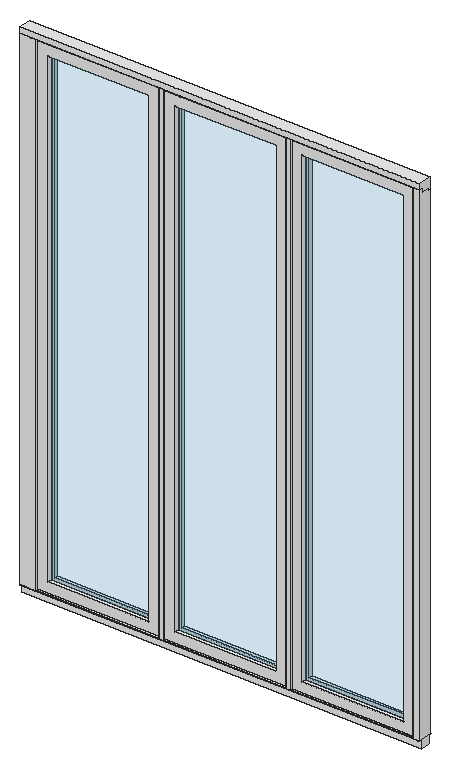
Revit family "98133", category Windows, host Wall, Revit 2018 (continued)
Definition of nested family "Left-Jamb_SL-73"
  Definition of nested family "LeftJamb_SL73"
    Lines and regions (in)
      model lines, in view "Ref. Level"
        curve 154: arc (-6.2628, 0.5903, 0) -> (-6.2651, 0.59587, 0) -> (-6.27067, 0.59818, 0) r 0.00787
        curve 155: arc (-6.42224, 0.59818, 0) -> (-6.42781, 0.59587, 0) -> (-6.43012, 0.5903, 0) r 0.00787
        curve 156: arc (-6.50689, 0.01899, 0) -> (-6.50425, 0.00915, 0) -> (-6.49705, 0.00194, 0) r 0.01969
        curve 157: arc (-6.49705, 0.40701, 0) -> (-6.50425, 0.3998, 0) -> (-6.50689, 0.38996, 0) r 0.01969
        curve 158: arc (-5.65945, -0.05659, 0) -> (-5.66665, -0.06379, 0) -> (-5.66929, -0.07363, 0) r 0.01969
        curve 159: arc (-5.66929, 0.48259, 0) -> (-5.66665, 0.47275, 0) -> (-5.65945, 0.46554, 0) r 0.01969
        curve 160: arc (-5.63878, 0.04172, 0) -> (-5.62437, 0.05613, 0) -> (-5.61909, 0.07582, 0) r 0.03937
        curve 161: arc (-5.61909, 0.33314, 0) -> (-5.62437, 0.35282, 0) -> (-5.63878, 0.36723, 0) r 0.03937
        curve 162: arc (-5.625, 0.5903, 0) -> (-5.62731, 0.59587, 0) -> (-5.63287, 0.59818, 0) r 0.00787
        curve 163: arc (-5.78445, 0.59818, 0) -> (-5.79002, 0.59587, 0) -> (-5.79232, 0.5903, 0) r 0.00787
        curve 164: arc (-5.74803, 0.45304, 0) -> (-5.74276, 0.43335, 0) -> (-5.72835, 0.41894, 0) r 0.03937
        curve 165: arc (-5.72835, -0.00999, 0) -> (-5.74276, -0.0244, 0) -> (-5.74803, -0.04408, 0) r 0.03937
        curve 166: arc (-5.79232, -0.18135, 0) -> (-5.79002, -0.18692, 0) -> (-5.78445, -0.18922, 0) r 0.00787
        curve 167: arc (-5.63287, -0.18922, 0) -> (-5.62731, -0.18692, 0) -> (-5.625, -0.18135, 0) r 0.00787
        curve 168: arc (-5.54823, 0.38996, 0) -> (-5.55087, 0.3998, 0) -> (-5.55807, 0.40701, 0) r 0.01969
        curve 169: arc (-5.55807, 0.00194, 0) -> (-5.55087, 0.00915, 0) -> (-5.54823, 0.01899, 0) r 0.01969
        curve 170: arc (-6.07385, 0.81241, 0) -> (-6.07942, 0.81471, 0) -> (-6.08498, 0.81241, 0) r 0.00787
        curve 171: arc (-6.53543, 0.62967, 0) -> (-6.52621, 0.6074, 0) -> (-6.50394, 0.59818, 0) r 0.0315
        curve 172: arc (-6.50394, 0.47655, 0) -> (-6.49624, 0.46093, 0) -> (-6.47916, 0.45753, 0) r 0.01969
        curve 173: arc (-6.39406, 0.48034, 0) -> (-6.38882, 0.48493, 0) -> (-6.38927, 0.49188, 0) r 0.00787
        curve 174: arc (-6.44383, 0.58637, 0) -> (-6.44383, 0.59424, 0) -> (-6.43701, 0.59818, 0) r 0.00787
        curve 175: arc (-6.25591, 0.59818, 0) -> (-6.24909, 0.59424, 0) -> (-6.24909, 0.58637, 0) r 0.00787
        curve 176: arc (-6.30364, 0.49188, 0) -> (-6.30364, 0.484, 0) -> (-6.29682, 0.48007, 0) r 0.00787
        curve 177: arc (-6.24227, 0.48007, 0) -> (-6.22258, 0.48534, 0) -> (-6.20817, 0.49975, 0) r 0.03937
        curve 178: arc (-5.84695, 0.49975, 0) -> (-5.83254, 0.48534, 0) -> (-5.81285, 0.48007, 0) r 0.03937
        curve 179: arc (-5.7583, 0.48007, 0) -> (-5.75148, 0.484, 0) -> (-5.75148, 0.49188, 0) r 0.00787
        curve 180: arc (-5.80603, 0.58637, 0) -> (-5.80603, 0.59424, 0) -> (-5.79921, 0.59818, 0) r 0.00787
        curve 181: arc (-5.61811, 0.59818, 0) -> (-5.61129, 0.59424, 0) -> (-5.61129, 0.58637, 0) r 0.00787
        curve 182: arc (-5.66584, 0.49188, 0) -> (-5.6663, 0.48493, 0) -> (-5.66106, 0.48034, 0) r 0.00787
        curve 183: arc (-5.57596, 0.45753, 0) -> (-5.55888, 0.46093, 0) -> (-5.55118, 0.47655, 0) r 0.01969
        curve 184: arc (-4.75984, 0.59818, 0) -> (-4.72441, 0.63361, 0) -> (-4.75984, 0.66904, 0) r 0.03543
        curve 185: arc (-4.97098, 0.73665, 0) -> (-4.96359, 0.74055, 0) -> (-4.96063, 0.74837, 0) r 0.01181
        curve 186: arc (-4.96063, 0.80232, 0) -> (-4.96359, 0.81013, 0) -> (-4.97098, 0.81404, 0) r 0.01181
        curve 187: arc (-4.65354, 0.88164, 0) -> (-4.64923, 0.87594, 0) -> (-4.64241, 0.87377, 0) r 0.01181
        curve 188: arc (-4.61811, 0.87377, 0) -> (-4.60976, 0.87723, 0) -> (-4.6063, 0.88558, 0) r 0.01181
        curve 189: arc (-4.6063, 0.91314, 0) -> (-4.61783, 0.94098, 0) -> (-4.64567, 0.95251, 0) r 0.03937
        curve 190: arc (-4.61811, 1.49582, 0) -> (-4.60081, 1.45406, 0) -> (-4.55906, 1.43676, 0) r 0.05906
        curve 191: arc (-4.17323, 1.56274, 0) -> (-4.094, 1.53223, 0) -> (-4.05571, 1.45645, 0) r 0.11811
        curve 192: arc (-4.2126, 1.45645, 0) -> (-4.25436, 1.43915, 0) -> (-4.27165, 1.39739, 0) r 0.05906
        curve 193: arc (-4.27165, 1.34621, 0) -> (-4.26012, 1.31837, 0) -> (-4.23228, 1.30684, 0) r 0.03937
        curve 194: arc (-4.20472, 1.30684, 0) -> (-4.1908, 1.3126, 0) -> (-4.18504, 1.32652, 0) r 0.01969
        curve 195: arc (-4.06299, 1.32652, 0) -> (-4.05723, 1.3126, 0) -> (-4.04331, 1.30684, 0) r 0.01969
        curve 196: arc (-3.97638, 1.44463, 0) -> (-4.03403, 1.58383, 0) -> (-4.17323, 1.64148, 0) r 0.19685
        curve 197: arc (-6.08498, 0.89576, 0) -> (-6.07942, 0.89345, 0) -> (-6.07385, 0.89576, 0) r 0.00787
        curve 198: arc (-0.88499, -0.3467, 0) -> (-0.87385, -0.34209, 0) -> (-0.86924, -0.33096, 0) r 0.01575
        curve 199: arc (-0.91255, -0.22911, 0) -> (-0.91094, -0.24134, 0) -> (-0.90622, -0.25274, 0) r 0.04724
        curve 200: arc (-0.90622, 0.50421, 0) -> (-0.91094, 0.49282, 0) -> (-0.91255, 0.48059, 0) r 0.04724
        curve 201: arc (-0.86924, 0.58243, 0) -> (-0.87385, 0.59357, 0) -> (-0.88499, 0.59818, 0) r 0.01575
        curve 202: arc (-1.01885, 0.59818, 0) -> (-1.02998, 0.59357, 0) -> (-1.0346, 0.58243, 0) r 0.01575
        curve 203: arc (-0.99129, 0.48059, 0) -> (-0.9929, 0.49282, 0) -> (-0.99762, 0.50421, 0) r 0.04724
        curve 204: arc (-0.99762, -0.25274, 0) -> (-0.9929, -0.24134, 0) -> (-0.99129, -0.22911, 0) r 0.04724
        curve 205: arc (-1.0346, -0.33096, 0) -> (-1.02998, -0.34209, 0) -> (-1.01885, -0.3467, 0) r 0.01575
        curve 206: arc (-1.48115, -0.3467, 0) -> (-1.47002, -0.34209, 0) -> (-1.4654, -0.33096, 0) r 0.01575
        curve 207: arc (-1.50871, -0.22911, 0) -> (-1.5071, -0.24134, 0) -> (-1.50238, -0.25274, 0) r 0.04724
        curve 208: arc (-1.50238, 0.50421, 0) -> (-1.5071, 0.49282, 0) -> (-1.50871, 0.48059, 0) r 0.04724
        curve 209: arc (-1.4654, 0.58243, 0) -> (-1.47002, 0.59357, 0) -> (-1.48115, 0.59818, 0) r 0.01575
        curve 210: arc (-1.61501, 0.59818, 0) -> (-1.62615, 0.59357, 0) -> (-1.63076, 0.58243, 0) r 0.01575
        curve 211: arc (-1.58745, 0.48059, 0) -> (-1.58906, 0.49282, 0) -> (-1.59378, 0.50421, 0) r 0.04724
        curve 212: arc (-1.59378, -0.25274, 0) -> (-1.58906, -0.24134, 0) -> (-1.58745, -0.22911, 0) r 0.04724
        curve 213: arc (-1.63076, -0.33096, 0) -> (-1.62615, -0.34209, 0) -> (-1.61501, -0.3467, 0) r 0.01575
        curve 214: arc (-1.11811, 0.56668, 0) -> (-1.09851, 0.51936, 0) -> (-1.05118, 0.49975, 0) r 0.06693
        curve 215: arc (-1.00868, 0.49975, 0) -> (-1.00081, 0.50763, 0) -> (-1.00868, 0.5155, 0) r 0.00787
        curve 216: arc (-0.86485, 0.55255, 0) -> (-0.84802, 0.57232, 0) -> (-0.85039, 0.59818, 0) r 0.03346
        curve 217: arc (-0.86485, 0.55255, 0) -> (-0.8723, 0.54732, 0) -> (-0.87794, 0.54018, 0) r 0.0315
        curve 218: arc (-0.89057, 0.5183, 0) -> (-0.89434, 0.51935, 0) -> (-0.89814, 0.51847, 0) r 0.00787
        curve 219: arc (-0.89814, 0.51847, 0) -> (-0.90137, 0.51535, 0) -> (-0.90237, 0.51097, 0) r 0.00787
        curve 220: arc (-0.90237, 0.51097, 0) -> (-0.9006, 0.50649, 0) -> (-0.89655, 0.50388, 0) r 0.00787
        curve 221: arc (-0.8327, 0.47771, 0) -> (-0.83514, 0.4849, 0) -> (-0.84145, 0.48911, 0) r 0.01181
        curve 222: arc (-0.82483, 0.42101, 0) -> (-0.80255, 0.43024, 0) -> (-0.79333, 0.45251, 0) r 0.0315
        curve 223: arc (-0.78987, 0.46677, 0) -> (-0.79243, 0.46293, 0) -> (-0.79333, 0.45841, 0) r 0.01181
        curve 224: arc (-0.78214, 0.4745, 0) -> (-0.7803, 0.47737, 0) -> (-0.77986, 0.48075, 0) r 0.00787
        curve 225: arc (-0.7874, 0.59517, 0) -> (-0.79132, 0.58709, 0) -> (-0.78842, 0.57859, 0) r 0.01181
        curve 226: arc (-0.83654, 0.75539, 0) -> (-0.84338, 0.75403, 0) -> (-0.84646, 0.74778, 0) r 0.00787
        curve 227: arc (-0.07105, 0.98091, 0) -> (-0.13394, 1.12, 0) -> (-0.27559, 1.17692, 0) r 0.20472
        curve 228: arc (-0.09072, 0.96038, 0) -> (-0.07651, 0.96645, 0) -> (-0.07105, 0.98091, 0) r 0.01969
        curve 229: arc (-0.40551, 0.96038, 0) -> (-0.44727, 0.94309, 0) -> (-0.46457, 0.90133, 0) r 0.05906
        curve 230: arc (-0.46457, 0.82259, 0) -> (-0.45073, 0.78918, 0) -> (-0.41732, 0.77534, 0) r 0.04724
        curve 231: arc (0, 0.97219, 0) -> (-0.08072, 1.16707, 0) -> (-0.27559, 1.24778, 0) r 0.27559
        curve 232: arc (-1.7126, 1.06437, 0) -> (-1.70669, 1.15608, 0) -> (-1.7126, 1.24778, 0) r 0.71502
        curve 233: arc (-1.66346, 1.0512, 0) -> (-1.65662, 1.05256, 0) -> (-1.65354, 1.05881, 0) r 0.00787
        curve 234: arc (-1.65354, 0.74778, 0) -> (-1.65662, 0.75403, 0) -> (-1.66346, 0.75539, 0) r 0.00787
        curve 235: arc (-1.71158, 0.57859, 0) -> (-1.70868, 0.58709, 0) -> (-1.7126, 0.59517, 0) r 0.01181
        curve 236: arc (-1.72014, 0.48075, 0) -> (-1.7197, 0.47737, 0) -> (-1.71786, 0.4745, 0) r 0.00787
        curve 237: arc (-1.70667, 0.45841, 0) -> (-1.70757, 0.46293, 0) -> (-1.71013, 0.46677, 0) r 0.01181
        curve 238: arc (-1.70667, 0.45251, 0) -> (-1.69745, 0.43024, 0) -> (-1.67517, 0.42101, 0) r 0.0315
        curve 239: arc (-1.65855, 0.48911, 0) -> (-1.66486, 0.4849, 0) -> (-1.6673, 0.47771, 0) r 0.01181
        curve 240: arc (-1.60345, 0.50388, 0) -> (-1.5994, 0.50649, 0) -> (-1.59763, 0.51097, 0) r 0.00787
        curve 241: arc (-1.59763, 0.51097, 0) -> (-1.59863, 0.51535, 0) -> (-1.60186, 0.51847, 0) r 0.00787
        curve 242: arc (-1.60186, 0.51847, 0) -> (-1.60566, 0.51935, 0) -> (-1.60943, 0.5183, 0) r 0.00787
        curve 243: arc (-1.62206, 0.54018, 0) -> (-1.6277, 0.54732, 0) -> (-1.63515, 0.55255, 0) r 0.0315
        curve 244: arc (-1.64961, 0.59818, 0) -> (-1.65198, 0.57232, 0) -> (-1.63515, 0.55255, 0) r 0.03346
        curve 245: arc (-1.49132, 0.5155, 0) -> (-1.49919, 0.50763, 0) -> (-1.49132, 0.49975, 0) r 0.00787
        curve 246: arc (-1.44882, 0.49975, 0) -> (-1.40149, 0.51936, 0) -> (-1.38189, 0.56668, 0) r 0.06693
        curve 247: arc (-1.63515, -0.30108, 0) -> (-1.65198, -0.32085, 0) -> (-1.64961, -0.3467, 0) r 0.03346
        curve 248: arc (-1.63515, -0.30108, 0) -> (-1.6277, -0.29585, 0) -> (-1.62206, -0.2887, 0) r 0.0315
        curve 249: arc (-1.59762, -0.25975, 0) -> (-1.59932, -0.25511, 0) -> (-1.60345, -0.2524, 0) r 0.00787
        curve 250: arc (-1.60207, -0.2671, 0) -> (-1.59876, -0.26409, 0) -> (-1.59762, -0.25975, 0) r 0.00787
        curve 251: arc (-1.60943, -0.26683, 0) -> (-1.60578, -0.26788, 0) -> (-1.60207, -0.2671, 0) r 0.00787
        curve 252: arc (-1.6673, -0.22623, 0) -> (-1.66486, -0.23342, 0) -> (-1.65855, -0.23764, 0) r 0.01181
        curve 253: arc (-1.67517, -0.16954, 0) -> (-1.69745, -0.17876, 0) -> (-1.70667, -0.20103, 0) r 0.0315
        curve 254: arc (-1.71013, -0.21529, 0) -> (-1.70757, -0.21146, 0) -> (-1.70667, -0.20694, 0) r 0.01181
        curve 255: arc (-1.71786, -0.22303, 0) -> (-1.7197, -0.2259, 0) -> (-1.72014, -0.22928, 0) r 0.00787
        curve 256: arc (-1.7126, -0.3437, 0) -> (-1.70868, -0.33562, 0) -> (-1.71158, -0.32712, 0) r 0.01181
        curve 257: arc (-1.7126, -0.38607, 0) -> (-1.70107, -0.41391, 0) -> (-1.67323, -0.42544, 0) r 0.03937
        curve 258: arc (-1.7874, -0.68135, 0) -> (-1.80132, -0.68712, 0) -> (-1.80709, -0.70103, 0) r 0.01969
        curve 259: arc (-2.00394, -0.70103, 0) -> (-2.0097, -0.68712, 0) -> (-2.02362, -0.68135, 0) r 0.01969
        curve 260: arc (-2.07087, -0.68135, 0) -> (-2.0987, -0.69288, 0) -> (-2.11024, -0.72072, 0) r 0.03937
        curve 261: arc (-2.25619, -0.8782, 0) -> (-2.28279, -0.88854, 0) -> (-2.29541, -0.91414, 0) r 0.03937
        curve 262: arc (-2.25401, -1.01573, 0) -> (-2.24718, -1.01437, 0) -> (-2.24409, -1.00812, 0) r 0.00787
        curve 263: arc (-2.24409, -1.31915, 0) -> (-2.24718, -1.3129, 0) -> (-2.25401, -1.31154, 0) r 0.00787
        curve 264: arc (-2.30315, -1.50812, 0) -> (-2.29724, -1.41641, 0) -> (-2.30315, -1.32471, 0) r 0.71502
        curve 265: arc (-0.83654, -0.74067, 0) -> (-0.84338, -0.74203, 0) -> (-0.84646, -0.74828, 0) r 0.00787
        curve 266: arc (-0.84646, -0.49631, 0) -> (-0.84338, -0.50256, 0) -> (-0.83654, -0.50392, 0) r 0.00787
        curve 267: arc (-0.78842, -0.32712, 0) -> (-0.79132, -0.33562, 0) -> (-0.7874, -0.3437, 0) r 0.01181
        curve 268: arc (-0.77986, -0.22928, 0) -> (-0.7803, -0.2259, 0) -> (-0.78214, -0.22303, 0) r 0.00787
        curve 269: arc (-0.79333, -0.20694, 0) -> (-0.79243, -0.21146, 0) -> (-0.78987, -0.21529, 0) r 0.01181
        curve 270: arc (-0.79333, -0.20103, 0) -> (-0.80255, -0.17876, 0) -> (-0.82483, -0.16954, 0) r 0.0315
        curve 271: arc (-0.84145, -0.23764, 0) -> (-0.83514, -0.23342, 0) -> (-0.8327, -0.22623, 0) r 0.01181
        curve 272: arc (-0.89655, -0.2524, 0) -> (-0.90068, -0.25511, 0) -> (-0.90238, -0.25975, 0) r 0.00787
        curve 273: arc (-0.90238, -0.25975, 0) -> (-0.90124, -0.26409, 0) -> (-0.89793, -0.2671, 0) r 0.00787
        curve 274: arc (-0.89793, -0.2671, 0) -> (-0.89422, -0.26788, 0) -> (-0.89057, -0.26683, 0) r 0.00787
        curve 275: arc (-0.87794, -0.2887, 0) -> (-0.8723, -0.29585, 0) -> (-0.86485, -0.30108, 0) r 0.0315
        curve 276: arc (-0.85039, -0.3467, 0) -> (-0.84802, -0.32085, 0) -> (-0.86485, -0.30108, 0) r 0.03346
        curve 277: arc (-1.00868, -0.26403, 0) -> (-1.00475, -0.26297, 0) -> (-1.00187, -0.26009, 0) r 0.00787
        curve 278: arc (-1.00187, -0.26009, 0) -> (-1.00187, -0.25222, 0) -> (-1.00868, -0.24828, 0) r 0.00787
        curve 279: arc (-1.05118, -0.24828, 0) -> (-1.09851, -0.26788, 0) -> (-1.11811, -0.31521, 0) r 0.06693
        curve 280: arc (-1.38189, -0.31521, 0) -> (-1.40149, -0.26788, 0) -> (-1.44882, -0.24828, 0) r 0.06693
        curve 281: arc (-1.49813, -0.26009, 0) -> (-1.49525, -0.26297, 0) -> (-1.49132, -0.26403, 0) r 0.00787
        curve 282: arc (-1.49132, -0.24828, 0) -> (-1.49813, -0.25222, 0) -> (-1.49813, -0.26009, 0) r 0.00787
        curve 283: arc (-1.48031, -1.35852, 0) -> (-1.50815, -1.37005, 0) -> (-1.51969, -1.39789, 0) r 0.03937
        curve 284: arc (-1.76772, -0.94513, 0) -> (-1.72039, -0.92553, 0) -> (-1.70079, -0.8782, 0) r 0.06693
        curve 285: arc (-1.51969, -0.74828, 0) -> (-1.47236, -0.72868, 0) -> (-1.45276, -0.68135, 0) r 0.06693
        curve 286: arc (-1.7126, 1.06437, 0) -> (-1.70669, 1.15608, 0) -> (-1.7126, 1.24778, 0) r 0.71502
        curve 287: arc (-0.46457, 0.82259, 0) -> (-0.45073, 0.78918, 0) -> (-0.41732, 0.77534, 0) r 0.04724
        curve 288: arc (-0.60646, 0.543, 0) -> (-0.59585, 0.5386, 0) -> (-0.58525, 0.543, 0) r 0.015
        curve 289: arc (-0.53153, 0.59671, 0) -> (-0.52093, 0.6011, 0) -> (-0.51032, 0.59671, 0) r 0.015
        curve 290: arc (-0.45661, 0.543, 0) -> (-0.446, 0.5386, 0) -> (-0.43539, 0.543, 0) r 0.015
        curve 291: arc (-0.38168, 0.59671, 0) -> (-0.37108, 0.6011, 0) -> (-0.36047, 0.59671, 0) r 0.015
        curve 292: arc (-0.30676, 0.543, 0) -> (-0.29615, 0.5386, 0) -> (-0.28554, 0.543, 0) r 0.015
        curve 293: arc (-0.23183, 0.59671, 0) -> (-0.22122, 0.6011, 0) -> (-0.21062, 0.59671, 0) r 0.015
        curve 294: arc (-0.1569, 0.543, 0) -> (-0.1463, 0.5386, 0) -> (-0.13569, 0.543, 0) r 0.015
        curve 295: arc (-0.08198, 0.59671, 0) -> (-0.07137, 0.6011, 0) -> (-0.06076, 0.59671, 0) r 0.015
        curve 296: arc (-0.00705, 0.543, 0) -> (0.00356, 0.5386, 0) -> (0.01416, 0.543, 0) r 0.015
        curve 297: arc (0.06788, 0.59671, 0) -> (0.07848, 0.6011, 0) -> (0.08909, 0.59671, 0) r 0.015
        curve 298: arc (0.1578, 0.528, 0) -> (0.17606, 0.5257, 0) -> (0.18281, 0.54281, 0) r 0.015
        curve 299: arc (0.09369, 0.85361, 0) -> (0.0829, 0.8693, 0) -> (0.06485, 0.87534, 0) r 0.03
        curve 300: arc (-0.08343, 0.82471, 0) -> (-0.07456, 0.83009, 0) -> (-0.07524, 0.84044, 0) r 0.01
        curve 301: arc (-0.18183, 0.78257, 0) -> (-0.19255, 0.76654, 0) -> (-0.21081, 0.76034, 0) r 0.03
        curve 302: arc (-0.26557, 0.76034, 0) -> (-0.28383, 0.76654, 0) -> (-0.29455, 0.78257, 0) r 0.03
        curve 303: arc (-0.40115, 0.84044, 0) -> (-0.40182, 0.83009, 0) -> (-0.39295, 0.82471, 0) r 0.01
        curve 304: arc (-0.2225, -0.75732, 0) -> (-0.18681, -0.75787, 0) -> (-0.16535, -0.72935, 0) r 0.03937
        curve 305: arc (-0.09251, -0.7571, 0) -> (-0.00658, -0.70869, 0) -> (0.0337, -0.61866, 0) r 0.15748
        curve 306: arc (-0.11107, -0.73892, 0) -> (-0.10658, -0.7529, 0) -> (-0.09251, -0.7571, 0) r 0.01575
        curve 307: arc (0.10384, -0.62843, 0) -> (0.07384, -0.58718, 0) -> (0.0337, -0.61866, 0) r 0.03543
        curve 308: arc (-0.08995, -0.61919, 0) -> (-0.11231, -0.58726, 0) -> (-0.14424, -0.60962, 0) r 0.02756
        curve 309: arc (-0.53839, -0.59049, 0) -> (-0.58095, -0.60363, 0) -> (-0.56781, -0.64619, 0) r 0.0315
        curve 310: arc (-0.69685, -1.4097, 0) -> (-0.69108, -1.42362, 0) -> (-0.67717, -1.42938, 0) r 0.01969
        curve 311: arc (-0.69685, -1.29186, 0) -> (-0.72337, -1.22783, 0) -> (-0.7874, -1.2013, 0) r 0.09055
        curve 312: arc (-0.83811, -1.18516, 0) -> (-0.83136, -1.19674, 0) -> (-0.81875, -1.2013, 0) r 0.01969
        curve 313: arc (-0.88717, -0.92401, 0) -> (-0.86818, -0.89653, 0) -> (-0.89566, -0.87754, 0) r 0.02362
        curve 314: arc (-0.93441, -0.88461, 0) -> (-0.95974, -0.90098, 0) -> (-0.96606, -0.93047, 0) r 0.03937
        curve 315: arc (-0.9719, -0.93953, 0) -> (-0.96718, -0.93616, 0) -> (-0.96606, -0.93047, 0) r 0.00787
        curve 316: arc (-0.9719, -0.93953, 0) -> (-0.98946, -0.9667, 0) -> (-0.96344, -0.98592, 0) r 0.02362
        curve 317: arc (-0.95476, -0.99232, 0) -> (-0.95783, -0.9874, 0) -> (-0.96344, -0.98592, 0) r 0.00787
        curve 318: arc (-0.87399, -1.29541, 0) -> (-0.86725, -1.30698, 0) -> (-0.85466, -1.31154, 0) r 0.01965
        curve 319: arc (-0.83858, -1.31154, 0) -> (-0.82466, -1.30578, 0) -> (-0.8189, -1.29186, 0) r 0.01969
        curve 320: arc (-0.79921, -1.27217, 0) -> (-0.81313, -1.27794, 0) -> (-0.8189, -1.29186, 0) r 0.01969
        curve 321: arc (-0.76772, -1.29186, 0) -> (-0.77348, -1.27794, 0) -> (-0.7874, -1.27217, 0) r 0.01969
        curve 322: arc (-0.76772, -1.453, 0) -> (-0.78164, -1.45877, 0) -> (-0.7874, -1.47269, 0) r 0.01969
        curve 323: arc (-0.0003, -0.90428, 0) -> (-0.01183, -0.87644, 0) -> (-0.03967, -0.86491, 0) r 0.03937
        curve 324: arc (-0.07904, -0.86491, 0) -> (-0.09296, -0.87067, 0) -> (-0.09872, -0.88459, 0) r 0.01968
        curve 325: arc (-0.25621, -0.88459, 0) -> (-0.26197, -0.87067, 0) -> (-0.27589, -0.86491, 0) r 0.01969
        curve 326: arc (-0.30345, -0.86491, 0) -> (-0.33129, -0.87644, 0) -> (-0.34282, -0.90428, 0) r 0.03937
        curve 327: arc (-0.34282, -0.98302, 0) -> (-0.33129, -1.01086, 0) -> (-0.30345, -1.02239, 0) r 0.03937
        curve 328: arc (-0.9719, -0.93953, 0) -> (-0.98946, -0.9667, 0) -> (-0.96344, -0.98592, 0) r 0.02362
        curve 329: arc (-0.96344, -0.98592, 0) -> (-0.95783, -0.9874, 0) -> (-0.95476, -0.99232, 0) r 0.00787
        curve 330: arc (-0.87399, -1.29541, 0) -> (-0.86725, -1.30698, 0) -> (-0.85465, -1.31154, 0) r 0.01965
        curve 331: arc (-0.83858, -1.31154, 0) -> (-0.82466, -1.30578, 0) -> (-0.8189, -1.29186, 0) r 0.01969
        curve 332: arc (-0.8189, -1.29186, 0) -> (-0.81313, -1.27794, 0) -> (-0.79921, -1.27217, 0) r 0.01969
        curve 333: arc (-0.7874, -1.27217, 0) -> (-0.77348, -1.27794, 0) -> (-0.76772, -1.29186, 0) r 0.01969
        curve 334: arc (-0.76772, -1.453, 0) -> (-0.78164, -1.45877, 0) -> (-0.7874, -1.47269, 0) r 0.01969
        curve 335: arc (-0.0003, -0.90428, 0) -> (-0.01183, -0.87644, 0) -> (-0.03967, -0.86491, 0) r 0.03937
        curve 336: arc (-0.07904, -0.86491, 0) -> (-0.09296, -0.87067, 0) -> (-0.09872, -0.88459, 0) r 0.01968
        curve 337: arc (-0.25621, -0.88459, 0) -> (-0.26197, -0.87067, 0) -> (-0.27589, -0.86491, 0) r 0.01969
        curve 338: arc (-0.30345, -0.86491, 0) -> (-0.33129, -0.87644, 0) -> (-0.34282, -0.90428, 0) r 0.03937
        curve 339: arc (-0.34282, -0.98302, 0) -> (-0.33129, -1.01086, 0) -> (-0.30345, -1.02239, 0) r 0.03937
        curve 340: arc (-0.67717, -1.42938, 0) -> (-0.69108, -1.42362, 0) -> (-0.69685, -1.4097, 0) r 0.01969
        curve 341: arc (-0.69685, -1.29186, 0) -> (-0.72337, -1.22783, 0) -> (-0.7874, -1.2013, 0) r 0.09055
        curve 342: arc (-0.81875, -1.2013, 0) -> (-0.83136, -1.19674, 0) -> (-0.83811, -1.18516, 0) r 0.01969
        curve 343: arc (-0.88717, -0.92401, 0) -> (-0.86818, -0.89653, 0) -> (-0.89566, -0.87754, 0) r 0.02362
        curve 344: line (-2.01762, 1.2281, 0) -> (-2.01762, 1.05093, 0)
        curve 345: line (-2.01762, 1.05093, 0) -> (-2.07634, 1.05392, 0)
        curve 346: line (-2.07634, 1.05392, 0) -> (-2.08858, 1.04757, 0)
        curve 347: line (-2.08858, 1.04757, 0) -> (-2.10055, 1.08046, 0)
        curve 348: line (-2.10055, 1.08046, 0) -> (-2.1752, 1.00582, 0)
        curve 349: line (-2.1752, 1.00582, 0) -> (-2.1752, 0.80077, 0)
        curve 350: line (-1.80949, 1.19636, 0) -> (-1.85193, 1.03346, 0)
        curve 351: line (-1.72244, 1.2281, 0) -> (-1.72244, 0.57849, 0)
        curve 352: line (-1.93147, 1.15866, 0) -> (-1.88743, 1.03179, 0)
        curve 353: line (-1.77165, 0.61786, 0) -> (-1.77165, 0.9033, 0)
        curve 354: line (-1.77165, 0.9033, 0) -> (-1.77165, 1.18873, 0)
        curve 355: line (-1.83564, 1.23573, 0) -> (-1.86583, 1.10199, 0)
        curve 356: line (-1.74213, 1.24778, 0) -> (-1.8175, 1.24778, 0)
        curve 357: line (-1.92901, 1.2374, 0) -> (-1.88003, 1.10133, 0)
        curve 358: line (-1.94636, 1.24778, 0) -> (-1.99793, 1.24778, 0)
        curve 359: line (-2.01762, 0.57849, 0) -> (-2.01762, 0.75566, 0)
        curve 360: line (-2.01762, 0.75566, 0) -> (-2.07634, 0.75267, 0)
        curve 361: line (-2.07634, 0.75267, 0) -> (-2.08858, 0.75902, 0)
        curve 362: line (-2.08858, 0.75902, 0) -> (-2.10055, 0.72613, 0)
        curve 363: line (-2.10055, 0.72613, 0) -> (-2.1752, 0.80077, 0)
        curve 364: line (-1.83564, 0.57087, 0) -> (-1.86583, 0.7046, 0)
        curve 365: line (-1.92901, 0.56919, 0) -> (-1.88003, 0.70527, 0)
        curve 366: line (-1.80949, 0.61024, 0) -> (-1.85193, 0.77313, 0)
        curve 367: line (-2.11763, 1.00771, 0) -> (-2.04921, 1.00172, 0)
        curve 368: line (-2.04921, 1.00172, 0) -> (-2.04921, 0.80487, 0)
        curve 369: line (-2.04921, 0.80487, 0) -> (-2.11763, 0.79888, 0)
        curve 370: line (-2.11763, 0.79888, 0) -> (-2.14764, 0.82889, 0)
        curve 371: line (-2.14764, 0.82889, 0) -> (-2.14764, 0.9777, 0)
        curve 372: line (-2.14764, 0.9777, 0) -> (-2.11763, 1.00771, 0)
        curve 373: line (-1.9685, 0.65723, 0) -> (-1.9685, 0.84933, 0)
        curve 374: line (-1.9685, 0.84933, 0) -> (-1.99016, 0.89263, 0)
        curve 375: line (-1.99016, 0.89263, 0) -> (-1.99016, 0.9033, 0)
        curve 376: line (-1.99016, 0.9033, 0) -> (-1.99016, 0.91396, 0)
        curve 377: line (-1.99016, 0.91396, 0) -> (-1.9685, 0.95727, 0)
        curve 378: line (-1.9685, 0.95727, 0) -> (-1.9685, 1.14936, 0)
        curve 379: line (-1.93147, 0.64793, 0) -> (-1.88743, 0.7748, 0)
        curve 380: line (-1.74213, 0.55881, 0) -> (-1.8175, 0.55881, 0)
        curve 381: line (-1.94636, 0.55881, 0) -> (-1.99793, 0.55881, 0)
        curve 382: line (-1.76772, -0.74034, 0) -> (-1.76945, -0.75357, 0)
        curve 383: line (-1.76945, -0.75357, 0) -> (-1.82542, -0.80954, 0)
        curve 384: line (-1.82542, -0.80954, 0) -> (-1.99005, -0.81127, 0)
        curve 385: line (-1.99005, -0.81127, 0) -> (-2.04158, -0.76219, 0)
        curve 386: line (-2.04158, -0.76219, 0) -> (-2.04331, -0.74897, 0)
        curve 387: line (-2.22638, -0.63411, 0) -> (-1.76378, -0.63411, 0)
        curve 388: line (-1.72441, -0.67348, 0) -> (-1.72441, -0.68135, 0)
        curve 389: line (-1.72441, -0.68135, 0) -> (-1.80118, -0.68135, 0)
        curve 390: line (-1.80118, -0.68135, 0) -> (-1.80709, -0.74434, 0)
        curve 391: line (-1.80709, -0.74434, 0) -> (-1.78203, -0.73157, 0)
        curve 392: line (-1.83858, -0.75615, 0) -> (-1.83858, -0.71678, 0)
        curve 393: line (-2.029, -0.7402, 0) -> (-2.00394, -0.75297, 0)
        curve 394: line (-2.00394, -0.75297, 0) -> (-2.00394, -0.68726, 0)
        curve 395: line (-2.00394, -0.68726, 0) -> (-2.1122, -0.68135, 0)
        curve 396: line (-2.1122, -0.68135, 0) -> (-2.11811, -0.74623, 0)
        curve 397: line (-1.97244, -0.71678, 0) -> (-1.97244, -0.75615, 0)
        curve 398: line (-1.85827, -0.6971, 0) -> (-1.95276, -0.6971, 0)
        curve 399: line (-1.95276, -0.77584, 0) -> (-1.85827, -0.77584, 0)
        curve 400: line (-4.22835, -0.74034, 0) -> (-4.23008, -0.75357, 0)
        curve 401: line (-4.23008, -0.75357, 0) -> (-4.28605, -0.80954, 0)
        curve 402: line (-4.28605, -0.80954, 0) -> (-4.45068, -0.81127, 0)
        curve 403: line (-4.45068, -0.81127, 0) -> (-4.50221, -0.76219, 0)
        curve 404: line (-4.50221, -0.76219, 0) -> (-4.50394, -0.74897, 0)
        curve 405: line (-4.68701, -0.63411, 0) -> (-4.22441, -0.63411, 0)
        curve 406: line (-4.18504, -0.67348, 0) -> (-4.18504, -0.68135, 0)
        curve 407: line (-4.18504, -0.68135, 0) -> (-4.26181, -0.68135, 0)
        curve 408: line (-4.26181, -0.68135, 0) -> (-4.26772, -0.74434, 0)
        curve 409: line (-4.26772, -0.74434, 0) -> (-4.24266, -0.73157, 0)
        curve 410: line (-4.29921, -0.75615, 0) -> (-4.29921, -0.71678, 0)
        curve 411: line (-4.48963, -0.7402, 0) -> (-4.46457, -0.75297, 0)
        curve 412: line (-4.46457, -0.75297, 0) -> (-4.46457, -0.68726, 0)
        curve 413: line (-4.46457, -0.68726, 0) -> (-4.57283, -0.68135, 0)
        curve 414: line (-4.57283, -0.68135, 0) -> (-4.57874, -0.74623, 0)
        curve 415: line (-4.43307, -0.71678, 0) -> (-4.43307, -0.75615, 0)
        curve 416: line (-4.3189, -0.6971, 0) -> (-4.41339, -0.6971, 0)
        curve 417: line (-4.41339, -0.77584, 0) -> (-4.3189, -0.77584, 0)
        curve 418: line (-4.02744, 1.35802, 0) -> (-4.21642, 1.35802, 0)
        curve 419: line (-4.21642, 1.35802, 0) -> (-4.21642, 1.39739, 0)
        curve 420: line (-4.21642, 1.39739, 0) -> (-4.02744, 1.39739, 0)
        curve 421: line (-4.02744, 1.39739, 0) -> (-4.02744, 1.35802, 0)
        curve 422: line (-4.12193, 1.23991, 0) -> (-4.12193, 1.35802, 0)
        curve 423: line (-4.12193, 1.35802, 0) -> (-4.14275, 1.23991, 0)
        curve 424: line (-4.16191, 1.35802, 0) -> (-4.18273, 1.23991, 0)
        curve 425: line (-4.14192, 1.35802, 0) -> (-4.16274, 1.23991, 0)
        curve 426: line (-4.12193, 1.35802, 0) -> (-4.1011, 1.23991, 0)
        curve 427: line (-4.10194, 1.35802, 0) -> (-4.08111, 1.23991, 0)
        curve 428: line (-4.08195, 1.35802, 0) -> (-4.06113, 1.23991, 0)
        curve 429: line (-4.50394, -1.43726, 0) -> (-2.85827, -1.43726, 0)
        curve 430: line (-4.76378, -1.50812, 0) -> (-2.59843, -1.50812, 0)
        curve 431: line (-6.26772, 1.00369, 0) -> (-5.6811, 1.00369, 0)
        curve 432: line (-5.6811, 1.00369, 0) -> (-5.6811, 1.56274, 0)
        curve 433: line (-5.6811, 1.56274, 0) -> (-6.26772, 1.56274, 0)
        curve 434: line (-6.26772, 1.56274, 0) -> (-6.26772, 1.00369, 0)
        curve 435: line (-5.88344, 0.81233, 0) -> (-5.9716, 0.72416, 0)
        curve 436: line (-5.9716, 0.72416, 0) -> (-6.11417, 0.72416, 0)
        curve 437: line (-6.11417, 0.66904, 0) -> (-5.11024, 0.66904, 0)
        curve 438: line (-5.11024, 0.66904, 0) -> (-5.11024, 0.88164, 0)
        curve 439: line (-5.11024, 0.88164, 0) -> (-5.62218, 0.88164, 0)
        curve 440: line (-5.6811, 0.94463, 0) -> (-5.88471, 0.94463, 0)
        curve 441: line (-5.89863, 0.91103, 0) -> (-5.88344, 0.89584, 0)
        curve 442: line (-6.47916, -0.04858, 0) -> (-6.39406, -0.07138, 0)
        curve 443: line (-6.38583, -0.07363, 0) -> (-6.38927, -0.08292, 0)
        curve 444: line (-6.38927, -0.08292, 0) -> (-6.44383, -0.17741, 0)
        curve 445: line (-6.43701, -0.18922, 0) -> (-6.25591, -0.18922, 0)
        curve 446: line (-6.24909, -0.17741, 0) -> (-6.30364, -0.08292, 0)
        curve 447: line (-6.30364, -0.08292, 0) -> (-6.30709, -0.04408, 0)
        curve 448: line (-6.29682, -0.07111, 0) -> (-6.24227, -0.07111, 0)
        curve 449: line (-6.20817, -0.0908, 0) -> (-6.15135, -0.18922, 0)
        curve 450: line (-6.15135, -0.18922, 0) -> (-5.90377, -0.18922, 0)
        curve 451: line (-5.90377, -0.18922, 0) -> (-5.84695, -0.0908, 0)
        curve 452: line (-5.81285, -0.07111, 0) -> (-5.7583, -0.07111, 0)
        curve 453: line (-5.74803, -0.04408, 0) -> (-5.75148, -0.08292, 0)
        curve 454: line (-5.75148, -0.08292, 0) -> (-5.80603, -0.17741, 0)
        curve 455: line (-5.79921, -0.18922, 0) -> (-5.61811, -0.18922, 0)
        curve 456: line (-5.61129, -0.17741, 0) -> (-5.66584, -0.08292, 0)
        curve 457: line (-5.66584, -0.08292, 0) -> (-5.66929, -0.07363, 0)
        curve 458: line (-5.66106, -0.07138, 0) -> (-5.57596, -0.04858, 0)
        curve 459: line (-5.55118, -0.06759, 0) -> (-5.55118, -0.18922, 0)
        curve 460: line (-5.55118, -0.18922, 0) -> (-4.75984, -0.18922, 0)
        curve 461: line (-4.75984, -0.26009, 0) -> (-5.03937, -0.26009, 0)
        curve 462: line (-5.03937, -0.26009, 0) -> (-5.03937, -0.31915, 0)
        curve 463: line (-5.03937, -0.31915, 0) -> (-4.97098, -0.32769, 0)
        curve 464: line (-4.96063, -0.33941, 0) -> (-4.96063, -0.39336, 0)
        curve 465: line (-4.97098, -0.40508, 0) -> (-5.03937, -0.41363, 0)
        curve 466: line (-5.03937, -0.41363, 0) -> (-5.03937, -0.47269, 0)
        curve 467: line (-5.03937, -0.47269, 0) -> (-4.65354, -0.47269, 0)
        curve 468: line (-4.64241, -0.46481, 0) -> (-4.61811, -0.46481, 0)
        curve 469: line (-4.6063, -0.47663, 0) -> (-4.6063, -0.50418, 0)
        curve 470: line (-4.64567, -0.54355, 0) -> (-5.15748, -0.54355, 0)
        curve 471: line (-5.15748, -0.54355, 0) -> (-5.15748, -1.00017, 0)
        curve 472: line (-5.15748, -1.00017, 0) -> (-5.21654, -1.016, 0)
        curve 473: line (-5.21654, -1.016, 0) -> (-5.21654, -0.93726, 0)
        curve 474: line (-5.21654, -0.93726, 0) -> (-5.35433, -0.93726, 0)
        curve 475: line (-5.35433, -0.93726, 0) -> (-5.35433, -1.14318, 0)
        curve 476: line (-5.35433, -1.14318, 0) -> (-5.36614, -1.16363, 0)
        curve 477: line (-5.36614, -1.16363, 0) -> (-5.35433, -1.18409, 0)
        curve 478: line (-5.35433, -1.18409, 0) -> (-5.35433, -1.43726, 0)
        curve 479: line (-5.35433, -1.43726, 0) -> (-5.21654, -1.43726, 0)
        curve 480: line (-5.21654, -1.43726, 0) -> (-5.21654, -1.31127, 0)
        curve 481: line (-5.21654, -1.31127, 0) -> (-5.15748, -1.32709, 0)
        curve 482: line (-5.15748, -1.32709, 0) -> (-5.15748, -1.50812, 0)
        curve 483: line (-5.15748, -1.50812, 0) -> (-6.53543, -1.50812, 0)
        curve 484: line (-6.53543, -1.50812, 0) -> (-6.53543, -1.36646, 0)
        curve 485: line (-6.53543, -1.36646, 0) -> (-6.47638, -1.35064, 0)
        curve 486: line (-6.47638, -1.35064, 0) -> (-6.47638, -1.42938, 0)
        curve 487: line (-6.47638, -1.42938, 0) -> (-6.33858, -1.42938, 0)
        curve 488: line (-6.33858, -1.42938, 0) -> (-6.33858, -1.17425, 0)
        curve 489: line (-6.33858, -1.17425, 0) -> (-6.32677, -1.15379, 0)
        curve 490: line (-6.32677, -1.15379, 0) -> (-6.33858, -1.13333, 0)
        curve 491: line (-6.33858, -1.13333, 0) -> (-6.33858, -0.8782, 0)
        curve 492: line (-6.33858, -0.8782, 0) -> (-6.47638, -0.8782, 0)
        curve 493: line (-6.47638, -0.8782, 0) -> (-6.47638, -0.95694, 0)
        curve 494: line (-6.47638, -0.95694, 0) -> (-6.53543, -0.94112, 0)
        curve 495: line (-6.53543, -0.94112, 0) -> (-6.53543, -0.84277, 0)
        curve 496: line (-6.53543, -0.84277, 0) -> (-6.48425, -0.79159, 0)
        curve 497: line (-6.47821, -0.79159, 0) -> (-6.46457, -0.81521, 0)
        curve 498: line (-6.46457, -0.81521, 0) -> (-6.45093, -0.79159, 0)
        curve 499: line (-6.45093, -0.79159, 0) -> (-6.41521, -0.79159, 0)
        curve 500: line (-6.41521, -0.79159, 0) -> (-6.40157, -0.81521, 0)
        curve 501: line (-6.40157, -0.81521, 0) -> (-6.38794, -0.79159, 0)
        curve 502: line (-6.38794, -0.79159, 0) -> (-6.35222, -0.79159, 0)
        curve 503: line (-6.35222, -0.79159, 0) -> (-6.33858, -0.81521, 0)
        curve 504: line (-6.33858, -0.81521, 0) -> (-6.32494, -0.79159, 0)
        curve 505: line (-6.32494, -0.79159, 0) -> (-6.28923, -0.79159, 0)
        curve 506: line (-6.28923, -0.79159, 0) -> (-6.27559, -0.81521, 0)
        curve 507: line (-6.27559, -0.81521, 0) -> (-6.26195, -0.79159, 0)
        curve 508: line (-6.26195, -0.79159, 0) -> (-6.22624, -0.79159, 0)
        curve 509: line (-6.22624, -0.79159, 0) -> (-6.2126, -0.81521, 0)
        curve 510: line (-6.2126, -0.81521, 0) -> (-6.19896, -0.79159, 0)
        curve 511: line (-6.19896, -0.79159, 0) -> (-6.16324, -0.79159, 0)
        curve 512: line (-6.16324, -0.79159, 0) -> (-6.14961, -0.81521, 0)
        curve 513: line (-6.14961, -0.81521, 0) -> (-6.13597, -0.79159, 0)
        curve 514: line (-6.13597, -0.79159, 0) -> (-6.11417, -0.79159, 0)
        curve 515: line (-6.11417, -0.79159, 0) -> (-6.08498, -0.7624, 0)
        curve 516: line (-6.07385, -0.7624, 0) -> (-6.04466, -0.79159, 0)
        curve 517: line (-6.04466, -0.79159, 0) -> (-5.99606, -0.79159, 0)
        curve 518: line (-5.99606, -0.79159, 0) -> (-5.9252, -0.72072, 0)
        curve 519: line (-5.9252, -0.72072, 0) -> (-5.99606, -0.64985, 0)
        curve 520: line (-5.99606, -0.64985, 0) -> (-6.04466, -0.64985, 0)
        curve 521: line (-6.04466, -0.64985, 0) -> (-6.07385, -0.67904, 0)
        curve 522: line (-6.08498, -0.67904, 0) -> (-6.11417, -0.64985, 0)
        curve 523: line (-6.11417, -0.64985, 0) -> (-6.16746, -0.64985, 0)
        curve 524: line (-6.16746, -0.64985, 0) -> (-6.1811, -0.62623, 0)
        curve 525: line (-6.1811, -0.62623, 0) -> (-6.19474, -0.64985, 0)
        curve 526: line (-6.19474, -0.64985, 0) -> (-6.23046, -0.64985, 0)
        curve 527: line (-6.23046, -0.64985, 0) -> (-6.24409, -0.62623, 0)
        curve 528: line (-6.24409, -0.62623, 0) -> (-6.25773, -0.64985, 0)
        curve 529: line (-6.25773, -0.64985, 0) -> (-6.29345, -0.64985, 0)
        curve 530: line (-6.29345, -0.64985, 0) -> (-6.30709, -0.62623, 0)
        curve 531: line (-6.30709, -0.62623, 0) -> (-6.32072, -0.64985, 0)
        curve 532: line (-6.32072, -0.64985, 0) -> (-6.35644, -0.64985, 0)
        curve 533: line (-6.35644, -0.64985, 0) -> (-6.37008, -0.62623, 0)
        curve 534: line (-6.37008, -0.62623, 0) -> (-6.38372, -0.64985, 0)
        curve 535: line (-6.38372, -0.64985, 0) -> (-6.41943, -0.64985, 0)
        curve 536: line (-6.41943, -0.64985, 0) -> (-6.43307, -0.62623, 0)
        curve 537: line (-6.43307, -0.62623, 0) -> (-6.44671, -0.64985, 0)
        curve 538: line (-6.44671, -0.64985, 0) -> (-6.48425, -0.64985, 0)
        curve 539: line (-6.48425, -0.64985, 0) -> (-6.53543, -0.59867, 0)
        curve 540: line (-6.53543, -0.59867, 0) -> (-6.53543, -0.22072, 0)
        curve 541: line (-6.50394, -0.18922, 0) -> (-6.50394, -0.06759, 0)
        curve 542: line (-5.88344, -0.76248, 0) -> (-5.89863, -0.77767, 0)
        curve 543: line (-5.88471, -0.81127, 0) -> (-5.6811, -0.81127, 0)
        curve 544: line (-5.62205, -0.87033, 0) -> (-5.62205, -0.9097, 0)
        curve 545: line (-5.66142, -0.94907, 0) -> (-5.6811, -0.94907, 0)
        curve 546: line (-5.6811, -0.94907, 0) -> (-5.6811, -0.87033, 0)
        curve 547: line (-5.6811, -0.87033, 0) -> (-6.26772, -0.87033, 0)
        curve 548: line (-6.26772, -0.87033, 0) -> (-6.26772, -1.42938, 0)
        curve 549: line (-6.26772, -1.42938, 0) -> (-5.6811, -1.42938, 0)
        curve 550: line (-5.6811, -1.42938, 0) -> (-5.6811, -1.35064, 0)
        curve 551: line (-5.6811, -1.35064, 0) -> (-5.66142, -1.35064, 0)
        curve 552: line (-5.62205, -1.39001, 0) -> (-5.62205, -1.42938, 0)
        curve 553: line (-5.62205, -1.42938, 0) -> (-5.4252, -1.42938, 0)
        curve 554: line (-5.4252, -1.42938, 0) -> (-5.4252, -0.93726, 0)
        curve 555: line (-5.35433, -0.86639, 0) -> (-5.22835, -0.86639, 0)
        curve 556: line (-5.22835, -0.86639, 0) -> (-5.22835, -0.54355, 0)
        curve 557: line (-5.15748, -0.47269, 0) -> (-5.11024, -0.47269, 0)
        curve 558: line (-5.11024, -0.47269, 0) -> (-5.11024, -0.26009, 0)
        curve 559: line (-5.11024, -0.26009, 0) -> (-6.46457, -0.26009, 0)
        curve 560: line (-6.46457, -0.26009, 0) -> (-6.46457, -0.56718, 0)
        curve 561: line (-6.46457, -0.56718, 0) -> (-6.14701, -0.56718, 0)
        curve 562: line (-6.14701, -0.56718, 0) -> (-6.13337, -0.5908, 0)
        curve 563: line (-6.13337, -0.5908, 0) -> (-5.9716, -0.5908, 0)
        curve 564: line (-5.9716, -0.5908, 0) -> (-5.88344, -0.67896, 0)
        curve 565: line (-6.50689, 0.38996, 0) -> (-6.50689, 0.01899, 0)
        curve 566: line (-6.43602, 0.07582, 0) -> (-6.43602, 0.33314, 0)
        curve 567: line (-6.43012, 0.5903, 0) -> (-6.43012, 0.56904, 0)
        curve 568: line (-6.43012, 0.56904, 0) -> (-6.38583, 0.49233, 0)
        curve 569: line (-6.38583, 0.49233, 0) -> (-6.44383, 0.58637, 0)
        curve 570: line (-6.38583, -0.08338, 0) -> (-6.43012, -0.16009, 0)
        curve 571: line (-6.43012, -0.16009, 0) -> (-6.43012, -0.18135, 0)
        curve 572: line (-6.38583, 0.49233, 0) -> (-6.38583, 0.48259, 0)
        curve 573: line (-6.2628, -0.18135, 0) -> (-6.2628, -0.16009, 0)
        curve 574: line (-6.2628, -0.16009, 0) -> (-6.30709, -0.08338, 0)
        curve 575: line (-6.30709, 0.45304, 0) -> (-6.30709, 0.49233, 0)
        curve 576: line (-6.30709, 0.49233, 0) -> (-6.2628, 0.56904, 0)
        curve 577: line (-6.2628, 0.56904, 0) -> (-6.2628, 0.5903, 0)
        curve 578: line (-6.39567, 0.46554, 0) -> (-6.49705, 0.40701, 0)
        curve 579: line (-6.41634, 0.36723, 0) -> (-6.32677, 0.41894, 0)
        curve 580: line (-6.27067, 0.59818, 0) -> (-6.42224, 0.59818, 0)
        curve 581: line (-6.42224, -0.18922, 0) -> (-6.27067, -0.18922, 0)
        curve 582: line (-6.32677, -0.00999, 0) -> (-6.41634, 0.04172, 0)
        curve 583: line (-6.49705, 0.00194, 0) -> (-6.39567, -0.05659, 0)
        curve 584: line (-5.79232, 0.5903, 0) -> (-5.79232, 0.56904, 0)
        curve 585: line (-5.79232, 0.56904, 0) -> (-5.74803, 0.49233, 0)
        curve 586: line (-5.74803, 0.49233, 0) -> (-5.80603, 0.58637, 0)
        curve 587: line (-5.74803, -0.08338, 0) -> (-5.79232, -0.16009, 0)
        curve 588: line (-5.79232, -0.16009, 0) -> (-5.79232, -0.18135, 0)
        curve 589: line (-5.74803, 0.49233, 0) -> (-5.74803, 0.45304, 0)
        curve 590: line (-5.625, -0.18135, 0) -> (-5.625, -0.16009, 0)
        curve 591: line (-5.625, -0.16009, 0) -> (-5.66929, -0.08338, 0)
        curve 592: line (-5.66929, 0.48259, 0) -> (-5.66929, 0.49233, 0)
        curve 593: line (-5.66929, 0.49233, 0) -> (-5.625, 0.56904, 0)
        curve 594: line (-5.625, 0.56904, 0) -> (-5.625, 0.5903, 0)
        curve 595: line (-5.61909, 0.33314, 0) -> (-5.61909, 0.07582, 0)
        curve 596: line (-5.54823, 0.01899, 0) -> (-5.54823, 0.38996, 0)
        curve 597: line (-5.63287, 0.59818, 0) -> (-5.78445, 0.59818, 0)
        curve 598: line (-5.63878, 0.04172, 0) -> (-5.72835, -0.00999, 0)
        curve 599: line (-5.65945, -0.05659, 0) -> (-5.55807, 0.00194, 0)
        curve 600: line (-5.78445, -0.18922, 0) -> (-5.63287, -0.18922, 0)
        curve 601: line (-5.55807, 0.40701, 0) -> (-5.65945, 0.46554, 0)
        curve 602: line (-5.72835, 0.41894, 0) -> (-5.63878, 0.36723, 0)
        curve 603: line (-6.07385, 0.89576, 0) -> (-6.04466, 0.92495, 0)
        curve 604: line (-6.04466, 0.92495, 0) -> (-5.99606, 0.92495, 0)
        curve 605: line (-5.99606, 0.92495, 0) -> (-5.9252, 0.85408, 0)
        curve 606: line (-5.9252, 0.85408, 0) -> (-5.99606, 0.78322, 0)
        curve 607: line (-5.99606, 0.78322, 0) -> (-6.04466, 0.78322, 0)
        curve 608: line (-6.04466, 0.78322, 0) -> (-6.07385, 0.81241, 0)
        curve 609: line (-6.08498, 0.81241, 0) -> (-6.11417, 0.78322, 0)
        curve 610: line (-6.11417, 0.78322, 0) -> (-6.16746, 0.78322, 0)
        curve 611: line (-6.16746, 0.78322, 0) -> (-6.1811, 0.7596, 0)
        curve 612: line (-6.1811, 0.7596, 0) -> (-6.19474, 0.78322, 0)
        curve 613: line (-6.19474, 0.78322, 0) -> (-6.23046, 0.78322, 0)
        curve 614: line (-6.23046, 0.78322, 0) -> (-6.24409, 0.7596, 0)
        curve 615: line (-6.24409, 0.7596, 0) -> (-6.25773, 0.78322, 0)
        curve 616: line (-6.25773, 0.78322, 0) -> (-6.29345, 0.78322, 0)
        curve 617: line (-6.29345, 0.78322, 0) -> (-6.30709, 0.7596, 0)
        curve 618: line (-6.30709, 0.7596, 0) -> (-6.32072, 0.78322, 0)
        curve 619: line (-6.32072, 0.78322, 0) -> (-6.35644, 0.78322, 0)
        curve 620: line (-6.35644, 0.78322, 0) -> (-6.37008, 0.7596, 0)
        curve 621: line (-6.37008, 0.7596, 0) -> (-6.38372, 0.78322, 0)
        curve 622: line (-6.38372, 0.78322, 0) -> (-6.41943, 0.78322, 0)
        curve 623: line (-6.41943, 0.78322, 0) -> (-6.43307, 0.7596, 0)
        curve 624: line (-6.43307, 0.7596, 0) -> (-6.44671, 0.78322, 0)
        curve 625: line (-6.44671, 0.78322, 0) -> (-6.48425, 0.78322, 0)
        curve 626: line (-6.48425, 0.78322, 0) -> (-6.53543, 0.73204, 0)
        curve 627: line (-6.53543, 0.73204, 0) -> (-6.53543, 0.62967, 0)
        curve 628: line (-6.50394, 0.59818, 0) -> (-6.50394, 0.47655, 0)
        curve 629: line (-6.47916, 0.45753, 0) -> (-6.39406, 0.48034, 0)
        curve 630: line (-6.43701, 0.59818, 0) -> (-6.25591, 0.59818, 0)
        curve 631: line (-6.24909, 0.58637, 0) -> (-6.30364, 0.49188, 0)
        curve 632: line (-6.29682, 0.48007, 0) -> (-6.24227, 0.48007, 0)
        curve 633: line (-6.20817, 0.49975, 0) -> (-6.15135, 0.59818, 0)
        curve 634: line (-6.15135, 0.59818, 0) -> (-5.90377, 0.59818, 0)
        curve 635: line (-5.90377, 0.59818, 0) -> (-5.84695, 0.49975, 0)
        curve 636: line (-5.81285, 0.48007, 0) -> (-5.7583, 0.48007, 0)
        curve 637: line (-5.79921, 0.59818, 0) -> (-5.61811, 0.59818, 0)
        curve 638: line (-5.61129, 0.58637, 0) -> (-5.66584, 0.49188, 0)
        curve 639: line (-5.66106, 0.48034, 0) -> (-5.57596, 0.45753, 0)
        curve 640: line (-5.55118, 0.47655, 0) -> (-5.55118, 0.59818, 0)
        curve 641: line (-5.55118, 0.59818, 0) -> (-4.75984, 0.59818, 0)
        curve 642: line (-4.75984, 0.66904, 0) -> (-5.03937, 0.66904, 0)
        curve 643: line (-5.03937, 0.66904, 0) -> (-5.03937, 0.7281, 0)
        curve 644: line (-5.03937, 0.7281, 0) -> (-4.97098, 0.73665, 0)
        curve 645: line (-4.96063, 0.74837, 0) -> (-4.96063, 0.80232, 0)
        curve 646: line (-4.97098, 0.81404, 0) -> (-5.03937, 0.82259, 0)
        curve 647: line (-5.03937, 0.82259, 0) -> (-5.03937, 0.88164, 0)
        curve 648: line (-5.03937, 0.88164, 0) -> (-4.65354, 0.88164, 0)
        curve 649: line (-4.64241, 0.87377, 0) -> (-4.61811, 0.87377, 0)
        curve 650: line (-4.6063, 0.88558, 0) -> (-4.6063, 0.91314, 0)
        curve 651: line (-4.64567, 0.95251, 0) -> (-5.62205, 0.95251, 0)
        curve 652: line (-5.62205, 0.95251, 0) -> (-5.62205, 1.10922, 0)
        curve 653: line (-5.62205, 1.10922, 0) -> (-5.63386, 1.12967, 0)
        curve 654: line (-5.63386, 1.12967, 0) -> (-5.62205, 1.15013, 0)
        curve 655: line (-5.62205, 1.15013, 0) -> (-5.62205, 1.56274, 0)
        curve 656: line (-5.62205, 1.56274, 0) -> (-4.61811, 1.56274, 0)
        curve 657: line (-4.61811, 1.56274, 0) -> (-4.61811, 1.49582, 0)
        curve 658: line (-4.55906, 1.43676, 0) -> (-4.48031, 1.43676, 0)
        curve 659: line (-4.48031, 1.43676, 0) -> (-4.48031, 1.47613, 0)
        curve 660: line (-4.48031, 1.47613, 0) -> (-4.55906, 1.47613, 0)
        curve 661: line (-4.55906, 1.47613, 0) -> (-4.55906, 1.56274, 0)
        curve 662: line (-4.55906, 1.56274, 0) -> (-4.17323, 1.56274, 0)
        curve 663: line (-4.05571, 1.45645, 0) -> (-4.15354, 1.45645, 0)
        curve 664: line (-4.15354, 1.45645, 0) -> (-4.15354, 1.47613, 0)
        curve 665: line (-4.15354, 1.47613, 0) -> (-4.2126, 1.47613, 0)
        curve 666: line (-4.2126, 1.47613, 0) -> (-4.2126, 1.45645, 0)
        curve 667: line (-4.27165, 1.39739, 0) -> (-4.27165, 1.34621, 0)
        curve 668: line (-4.23228, 1.30684, 0) -> (-4.20472, 1.30684, 0)
        curve 669: line (-4.18504, 1.32652, 0) -> (-4.18504, 1.34621, 0)
        curve 670: line (-4.18504, 1.34621, 0) -> (-4.23228, 1.34621, 0)
        curve 671: line (-4.23228, 1.34621, 0) -> (-4.23228, 1.39739, 0)
        curve 672: line (-4.23228, 1.39739, 0) -> (-4.01575, 1.39739, 0)
        curve 673: line (-4.01575, 1.39739, 0) -> (-4.01575, 1.34621, 0)
        curve 674: line (-4.01575, 1.34621, 0) -> (-4.06299, 1.34621, 0)
        curve 675: line (-4.06299, 1.34621, 0) -> (-4.06299, 1.32652, 0)
        curve 676: line (-4.04331, 1.30684, 0) -> (-3.97638, 1.30684, 0)
        curve 677: line (-3.97638, 1.30684, 0) -> (-3.97638, 1.44463, 0)
        curve 678: line (-4.17323, 1.64148, 0) -> (-6.53543, 1.64148, 0)
        curve 679: line (-6.53543, 1.64148, 0) -> (-6.53543, 1.52343, 0)
        curve 680: line (-6.53543, 1.52343, 0) -> (-6.47638, 1.50761, 0)
        curve 681: line (-6.47638, 1.50761, 0) -> (-6.47638, 1.58635, 0)
        curve 682: line (-6.47638, 1.58635, 0) -> (-6.33858, 1.58635, 0)
        curve 683: line (-6.33858, 1.58635, 0) -> (-6.33858, 1.30761, 0)
        curve 684: line (-6.33858, 1.30761, 0) -> (-6.32677, 1.28715, 0)
        curve 685: line (-6.32677, 1.28715, 0) -> (-6.33858, 1.2667, 0)
        curve 686: line (-6.33858, 1.2667, 0) -> (-6.33858, 1.01156, 0)
        curve 687: line (-6.33858, 1.01156, 0) -> (-6.47638, 1.01156, 0)
        curve 688: line (-6.47638, 1.01156, 0) -> (-6.47638, 1.0903, 0)
        curve 689: line (-6.47638, 1.0903, 0) -> (-6.53543, 1.07448, 0)
        curve 690: line (-6.53543, 1.07448, 0) -> (-6.53543, 0.97613, 0)
        curve 691: line (-6.53543, 0.97613, 0) -> (-6.48425, 0.92495, 0)
        curve 692: line (-6.47821, 0.92495, 0) -> (-6.46457, 0.94857, 0)
        curve 693: line (-6.46457, 0.94857, 0) -> (-6.45093, 0.92495, 0)
        curve 694: line (-6.45093, 0.92495, 0) -> (-6.41521, 0.92495, 0)
        curve 695: line (-6.41521, 0.92495, 0) -> (-6.40157, 0.94857, 0)
        curve 696: line (-6.40157, 0.94857, 0) -> (-6.38794, 0.92495, 0)
        curve 697: line (-6.38794, 0.92495, 0) -> (-6.35222, 0.92495, 0)
        curve 698: line (-6.35222, 0.92495, 0) -> (-6.33858, 0.94857, 0)
        curve 699: line (-6.33858, 0.94857, 0) -> (-6.32494, 0.92495, 0)
        curve 700: line (-6.32494, 0.92495, 0) -> (-6.28923, 0.92495, 0)
        curve 701: line (-6.28923, 0.92495, 0) -> (-6.27559, 0.94857, 0)
        curve 702: line (-6.27559, 0.94857, 0) -> (-6.26195, 0.92495, 0)
        curve 703: line (-6.26195, 0.92495, 0) -> (-6.22624, 0.92495, 0)
        curve 704: line (-6.22624, 0.92495, 0) -> (-6.2126, 0.94857, 0)
        curve 705: line (-6.2126, 0.94857, 0) -> (-6.19896, 0.92495, 0)
        curve 706: line (-6.19896, 0.92495, 0) -> (-6.16324, 0.92495, 0)
        curve 707: line (-6.16324, 0.92495, 0) -> (-6.14961, 0.94857, 0)
        curve 708: line (-6.14961, 0.94857, 0) -> (-6.13597, 0.92495, 0)
        curve 709: line (-6.13597, 0.92495, 0) -> (-6.11417, 0.92495, 0)
        curve 710: line (-6.11417, 0.92495, 0) -> (-6.08498, 0.89576, 0)
        curve 711: line (-0.88499, -0.3467, 0) -> (-1.01885, -0.3467, 0)
        curve 712: line (-1.01885, -0.3467, 0) -> (-0.88499, -0.3467, 0)
        curve 713: line (-0.88499, -0.3467, 0) -> (-0.85039, -0.3467, 0)
        curve 714: line (-0.88499, 0.59818, 0) -> (-1.01885, 0.59818, 0)
        curve 715: line (-0.86924, -0.33096, 0) -> (-0.86924, -0.31678, 0)
        curve 716: line (-0.86924, -0.31678, 0) -> (-0.88358, -0.29196, 0)
        curve 717: line (-0.88358, -0.29196, 0) -> (-0.89621, -0.27008, 0)
        curve 718: line (-0.89792, -0.2671, 0) -> (-0.90236, -0.25942, 0)
        curve 719: line (-0.90236, -0.25942, 0) -> (-0.90622, -0.25274, 0)
        curve 720: line (-0.91255, -0.22911, 0) -> (-0.91255, 0.48059, 0)
        curve 721: line (-0.90622, 0.50421, 0) -> (-0.90236, 0.51089, 0)
        curve 722: line (-0.90236, 0.51089, 0) -> (-0.89792, 0.51858, 0)
        curve 723: line (-0.89621, 0.52155, 0) -> (-0.88358, 0.54343, 0)
        curve 724: line (-0.88358, 0.54343, 0) -> (-0.86924, 0.56826, 0)
        curve 725: line (-0.86924, 0.56826, 0) -> (-0.86924, 0.58243, 0)
        curve 726: line (-0.85039, 0.59818, 0) -> (-0.88499, 0.59818, 0)
        curve 727: line (-0.88499, 0.59818, 0) -> (-1.01885, 0.59818, 0)
        curve 728: line (-1.01885, 0.59818, 0) -> (-1.03937, 0.59818, 0)
        curve 729: line (-1.03937, 0.59818, 0) -> (-1.03937, 0.56865, 0)
        curve 730: line (-1.0346, 0.56826, 0) -> (-1.0346, 0.58243, 0)
        curve 731: line (-0.99762, 0.50421, 0) -> (-1.00527, 0.51747, 0)
        curve 732: line (-1.00527, 0.51747, 0) -> (-1.0346, 0.56826, 0)
        curve 733: line (-1.0346, 0.56826, 0) -> (-1.00868, 0.5155, 0)
        curve 734: line (-0.99129, -0.22911, 0) -> (-0.99129, 0.48059, 0)
        curve 735: line (-1.0346, -0.33096, 0) -> (-1.0346, -0.31678, 0)
        curve 736: line (-1.0346, -0.31678, 0) -> (-1.00527, -0.266, 0)
        curve 737: line (-1.00527, -0.266, 0) -> (-0.99762, -0.25274, 0)
        curve 738: line (-1.61501, -0.3467, 0) -> (-1.48115, -0.3467, 0)
        curve 739: line (-1.61501, 0.59818, 0) -> (-1.48115, 0.59818, 0)
        curve 740: line (-1.48115, 0.59818, 0) -> (-1.61501, 0.59818, 0)
        curve 741: line (-1.61501, 0.59818, 0) -> (-1.64961, 0.59818, 0)
        curve 742: line (-1.4654, -0.33096, 0) -> (-1.4654, -0.31678, 0)
        curve 743: line (-1.4654, -0.31678, 0) -> (-1.49473, -0.266, 0)
        curve 744: line (-1.49473, -0.266, 0) -> (-1.49813, -0.26009, 0)
        curve 745: line (-1.49813, -0.26009, 0) -> (-1.50238, -0.25274, 0)
        curve 746: line (-1.50871, -0.22911, 0) -> (-1.50871, 0.48059, 0)
        curve 747: line (-1.50238, 0.50421, 0) -> (-1.49473, 0.51747, 0)
        curve 748: line (-1.49473, 0.51747, 0) -> (-1.4654, 0.56826, 0)
        curve 749: line (-1.4654, 0.56826, 0) -> (-1.4654, 0.58243, 0)
        curve 750: line (-1.59378, 0.50421, 0) -> (-1.59764, 0.51089, 0)
        curve 751: line (-1.59764, 0.51089, 0) -> (-1.60208, 0.51858, 0)
        curve 752: line (-1.60379, 0.52155, 0) -> (-1.61642, 0.54343, 0)
        curve 753: line (-1.61642, 0.54343, 0) -> (-1.63076, 0.56826, 0)
        curve 754: line (-1.63076, 0.56826, 0) -> (-1.63076, 0.58243, 0)
        curve 755: line (-1.58745, -0.22911, 0) -> (-1.58745, 0.48059, 0)
        curve 756: line (-1.63076, -0.33096, 0) -> (-1.63076, -0.31678, 0)
        curve 757: line (-1.63076, -0.31678, 0) -> (-1.61642, -0.29196, 0)
        curve 758: line (-1.61642, -0.29196, 0) -> (-1.60379, -0.27008, 0)
        curve 759: line (-1.60208, -0.2671, 0) -> (-1.59764, -0.25942, 0)
        curve 760: line (-1.59764, -0.25942, 0) -> (-1.59378, -0.25274, 0)
        curve 761: line (-1.05118, 0.49975, 0) -> (-1.00868, 0.49975, 0)
        curve 762: line (-0.87794, 0.54018, 0) -> (-0.89057, 0.5183, 0)
        curve 763: line (-0.89655, 0.50388, 0) -> (-0.84145, 0.48911, 0)
        curve 764: line (-0.8327, 0.47771, 0) -> (-0.8327, 0.42101, 0)
        curve 765: line (-0.8327, 0.42101, 0) -> (-0.82483, 0.42101, 0)
        curve 766: line (-0.78987, 0.46677, 0) -> (-0.78214, 0.4745, 0)
        curve 767: line (-0.78214, 0.4745, 0) -> (-0.78842, 0.57859, 0)
        curve 768: line (-0.83654, 0.75539, 0) -> (-0.7874, 0.74222, 0)
        curve 769: line (-0.7874, 0.74222, 0) -> (-0.7874, 0.59517, 0)
        curve 770: line (-0.27559, 1.17692, 0) -> (-0.7874, 1.17692, 0)
        curve 771: line (-0.7874, 1.17692, 0) -> (-0.7874, 1.03912, 0)
        curve 772: line (-0.7874, 1.03912, 0) -> (-0.82677, 1.03912, 0)
        curve 773: line (-0.82677, 1.03912, 0) -> (-0.84646, 1.17692, 0)
        curve 774: line (-0.84646, 1.17692, 0) -> (-0.98031, 1.17692, 0)
